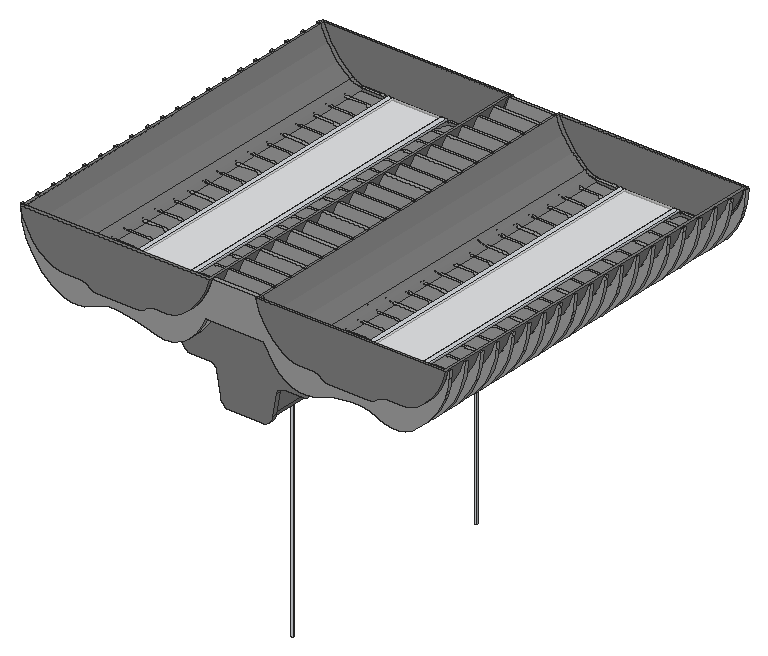
Revit family "0039262 Feilo Sylvania Lighting Fixtures SYLBAY LED 4000K 13KLM WIDE DALI", category Lighting Fixtures, host Face, Revit 2017
Family settings
  Host = Face
  Round Connector Dimension = Use Diameter
  Part Type = Normal
  OmniClass Number = 23.80.70.00
  OmniClass Title = Lighting
  Cut with Voids When Loaded = No
  Light Source = Yes
  Shared = No
  Room Calculation Point = No
Parameters (values of type "0039262 SYLBAY LED 4000K 13KLM WIDE DALI")
  WireRadius_FEILO = 1 mm
  Weight = "4.6 kg"
  Wattage Comments = "n/a"
  Wattage = 95 W
  WarrantyStartDate [instance] = "n/a"
  WarrantyGuarantorParts = "n/a"
  WarrantyDurationUnit = "n/a"
  WarrantyDurationParts = "n/a"
  WarrantyDescription = "n/a"
  built-in parameter 1150110 = 1 (stored number, unit not read)
  Voltage = 230 V
  URL = "http://www.sylvania-lighting.com"
  TypeName = "SYLBAY LED 4000K 13KLM WIDE DALI"
  Type Image = <None>
  Type Comments = "n/a"
  built-in parameter 1114217 = 1 (stored number, unit not read)
  Tilt Angle = -90.00°
  built-in parameter 1150109 = 1 (stored number, unit not read)
  built-in parameter 1150134 = 12
  SuspensionHeight_FEILO [instance] = if(SurfaceMounted_FEILO, 107 mm, SuspensionHeightEntry_FEILO)  # 300 mm
  SuspensionHeightEntry_FEILO [instance] = 300 mm
  SurfaceMounted_FEILO [instance] = no
  built-in parameter 1150113 = 1 (stored number, unit not read)
  SerialNumber [instance] = "n/a"
  ReflectorMaterial = none
  PowerFactor = 0
  PowerConsumption = "95 W"
  Photometric Web File = "0039262.ies"
  NominalLength = 330 mm
  NominalHeight = 105 mm
  NominalDepth = 375 mm
  Name = "SYLBAY LED 4000K 13KLM WIDE DALI"
  ModelReference = "SYLBAY LED 4000K 13KLM WIDE DALI"
  ModelNumber = "0039262"
  Model = "SYLBAY LED 4000K 13KLM WIDE DALI"
  Material = "aluminium housing"
  ManufacturerName = "Feilo Sylvania"
  Manufacturer = "Feilo Sylvania"
  LuminousEfficacy = "141.59 lm/W"
  built-in parameter 1150105 = 8028 (stored number, unit not read)
  Lumens = 13451 lm
  LuminaireType = ""
  built-in parameter 1150115 = 1 (stored number, unit not read)
  LightOutputRatio = "100"
  built-in parameter 1150137 = (empty or 0)
  built-in parameter 1150139 = (empty or 0)
  LampsType = Lamp  # "LED"
  LampNominalLuminous = "13309 lm"
  LampMacAdamStep = "n/a"
  LampColourTemperature = "4000 K"
  LampColourRenderingIndex = "80"
  built-in parameter 1150112 = 1 (stored number, unit not read)
  built-in parameter 1150114 = 1 (stored number, unit not read)
  Lamp = "LED"
  Keynote = "16500"
  InstallationDate [instance] = "n/a"
  InputVoltage = "220-240V~"
  InputNominalFrequency = "50/60 Hz"
  built-in parameter 1150132 = (empty or 0)
  built-in parameter 1150102 = (empty or 0)
  built-in parameter 1150107 = 4000 (stored number, unit not read)
  built-in parameter 1150138 = (empty or 0)
  IngressProtection = "IP65"
  ImpactProtectionIndex = "IK08"
  built-in parameter 1150106 = 80.28 (stored number, unit not read)
  IfcExportType = "IfcLightFixtureType"
  IfcExportAs = "IfcLightFixtureType"
  ExpectedLife = 50000
  Emit from Rectangle Width = 365 mm
  Emit from Rectangle Length = 320 mm
  Emit Shape Visible in Rendering = no
  ElectricShockClassification = "Class I"
  built-in parameter 1150104 = 13.154 (stored number, unit not read)
  DurationUnit = "hours"
  DocumentationLiterature = "http://www.sylvania-lighting.com/product/en-int/products/0039262"
  DimmingControlOptions = "Dimmable"
  Dimming Lamp Color Temperature Shift = <None>
  DiffuserMaterial = Diffuser-Sylvania-Sylbay-Transparent
  Description = "Specification industrial high bay luminaire, robust and durable, slim design, high output and efficiency, lightweight, aluminium housing with shatter-resistant polycarbonate lens optic, 13,300 lumens, 95W, 140lm/W, 4000K, 1400mA, CRI 80, wide beam optic, DALI dimmable, IP65, IK08, 100,000 hrs (L90B10), (LxWxH) 330x375x105mm, 3 step MacAdam ellipse, 4.6kg, aluminium finish, Class 1, 220-240V, integrated LED, energy class: A++, A+, A."
  Default Elevation = 1219.2 mm
  CreatedOn = "17/11/2017"
  CreatedBy = ""
  Cost = 0
  Color Filter = 16777215
  built-in parameter 1114216 [instance] = (empty or 0)
  BodyMaterial = Body-Sylvania-Sylbay-Aluminium
  BarCode [instance] = "n/a"
  built-in parameter 1114218 = 1 (stored number, unit not read)
  built-in parameter 1150133 = 10 (stored number, unit not read)
  AssetType = "Fixed"
  AssetIdentifier [instance] = "n/a"
  Assembly Code = "D5020200"
  Apparent Load = 95 VA
  AccessoryMaterial = Accesory-Sylvania-Sylbay-White
Reference planes
  plane 1 "Center (Front/Back)": y = 0
  plane 2: z = 0
  plane 3 "Center (Left/Right)": x = 0
  plane 4: z = 300
  plane 5: y = -147
  plane 6: y = 100
  plane 7: y = -100
  plane 8: z = 237.522
  plane 9: z = 246.272
  plane 10: z = 227.522
  plane 11: z = 266.272
  plane 12: z = 256.272
  plane 13: z = 262.272
  plane 14: y = 147
  plane 15: y = -8.075
  plane 16: y = 8.075
  plane 17: y = -150
  plane 18: y = 150
  plane 19: z = 195
  plane 20: z = 193
Forms (mm)
  Extrusion 1, solid, material "Accesory-Sylvania-Sylbay-White" <- "AccessoryMaterial"
    sketch origin (0, 0, 0) x (1, 0, 0) y (0, 0, 1)
      loop
        arc (-39.258, 246.272) -> (-44.534, 242.283) -> (-50.507, 239.445) r 32.519
        arc (-50.507, 239.445) -> (-54.463, 232.388) -> (-48, 227.522) r 6.147
        line (-48, 227.522) -> (-32.102, 227.522)
        arc (-32.102, 227.522) -> (-26.92, 225.616) -> (-24.206, 220.808) r 8
        line (-24.206, 220.808) -> (-21.094, 201.713)
        arc (-21.094, 201.713) -> (-18.38, 196.905) -> (-13.198, 195) r 8
        line (-13.198, 195) -> (13.198, 195)
        arc (13.198, 195) -> (18.393, 196.916) -> (21.099, 201.746) r 8
        line (21.099, 201.746) -> (24.206, 220.808)
        arc (24.206, 220.808) -> (26.92, 225.616) -> (32.102, 227.522) r 8
        line (32.102, 227.522) -> (48, 227.522)
        arc (48, 227.522) -> (54.463, 232.388) -> (50.507, 239.445) r 6.147
        arc (50.507, 239.445) -> (44.534, 242.283) -> (39.258, 246.272) r 32.519
        arc (39.258, 246.272) -> (31.199, 255.531) -> (25.254, 266.272) r 58.361
        line (25.254, 266.272) -> (-25.254, 266.272)
        arc (-25.254, 266.272) -> (-31.199, 255.531) -> (-39.258, 246.272) r 58.361
    from -147 to 147
  Extrusion 2, solid, material "Body-Sylvania-Sylbay-Aluminium" <- "BodyMaterial", detail levels medium+fine
    sketch origin (0, 0, 0) x (1, 0, 0) y (0, 0, 1)
      loop
        arc (-32.102, 225.522) -> (-28.215, 224.093) -> (-26.18, 220.487) r 6
        line (-26.18, 220.487) -> (-23.068, 201.392)
        arc (-23.068, 201.392) -> (-19.676, 195.381) -> (-13.198, 193) r 10
        line (-13.198, 193) -> (13.198, 193)
        arc (13.198, 193) -> (19.69, 195.393) -> (23.074, 201.428) r 10
        line (23.074, 201.428) -> (26.18, 220.487)
        arc (26.18, 220.487) -> (28.215, 224.093) -> (32.102, 225.522) r 6
        line (32.102, 225.522) -> (47.932, 225.522)
        arc (47.932, 225.522) -> (54.718, 228.451) -> (56.343, 235.661) r 8.147
        arc (56.343, 235.661) -> (55.292, 237.506) -> (53.445, 238.553) r 4
        arc (53.445, 238.553) -> (45.865, 241.518) -> (39.258, 246.272) r 32.519
        arc (39.258, 246.272) -> (32.89, 253.237) -> (27.728, 261.137) r 58.361
        arc (27.728, 261.137) -> (25.523, 263.429) -> (22.456, 264.272) r 6
        line (22.456, 264.272) -> (-22.456, 264.272)
        arc (-22.456, 264.272) -> (-25.523, 263.429) -> (-27.728, 261.137) r 6
        arc (-27.728, 261.137) -> (-32.89, 253.237) -> (-39.258, 246.272) r 58.361
        arc (-39.258, 246.272) -> (-45.865, 241.518) -> (-53.445, 238.553) r 32.519
        arc (-53.445, 238.553) -> (-55.292, 237.506) -> (-56.343, 235.661) r 4
        arc (-56.343, 235.661) -> (-54.718, 228.451) -> (-47.932, 225.522) r 8.147
        line (-47.932, 225.522) -> (-32.102, 225.522)
    from 147 to 150
  Extrusion 3, solid, detail levels medium+fine
    sketch origin (0, 0, 0) x (1, 0, 0) y (0, 0, 1)
      loop
        line (-47.932, 225.522) -> (-32.102, 225.522)
        arc (-32.102, 225.522) -> (-28.215, 224.093) -> (-26.18, 220.487) r 6
        line (-26.18, 220.487) -> (-23.068, 201.392)
        arc (-23.068, 201.392) -> (-19.676, 195.381) -> (-13.198, 193) r 10
        line (-13.198, 193) -> (13.198, 193)
        arc (13.198, 193) -> (19.69, 195.393) -> (23.074, 201.428) r 10
        line (23.074, 201.428) -> (26.18, 220.487)
        arc (26.18, 220.487) -> (28.215, 224.093) -> (32.102, 225.522) r 6
        line (32.102, 225.522) -> (47.932, 225.522)
        arc (47.932, 225.522) -> (54.718, 228.451) -> (56.343, 235.661) r 8.147
        arc (56.343, 235.661) -> (55.292, 237.506) -> (53.445, 238.553) r 4
        arc (53.445, 238.553) -> (45.865, 241.518) -> (39.258, 246.272) r 32.519
        arc (39.258, 246.272) -> (32.89, 253.237) -> (27.728, 261.137) r 58.361
        arc (27.728, 261.137) -> (25.523, 263.429) -> (22.456, 264.272) r 6
        line (22.456, 264.272) -> (-22.456, 264.272)
        arc (-22.456, 264.272) -> (-25.523, 263.429) -> (-27.728, 261.137) r 6
        arc (-27.728, 261.137) -> (-32.89, 253.237) -> (-39.258, 246.272) r 58.361
        arc (-39.258, 246.272) -> (-45.865, 241.518) -> (-53.445, 238.553) r 32.519
        arc (-53.445, 238.553) -> (-55.292, 237.506) -> (-56.343, 235.661) r 4
        arc (-56.343, 235.661) -> (-54.718, 228.451) -> (-47.932, 225.522) r 8.147
    from -150 to -147
  Extrusion 4, solid
    sketch origin (-316.531, -4572, 195) x (-1, 0, 0) y (0, -1, 0)
      loop
        circle (-316.531, -4672) r 1
      loop
        circle (-316.531, -4472) r 1
    from 0 to -195
Dimensions and locks
  "SuspensionHeight_FEILO": plane 4 to plane 2
  equal spacing: plane 7, plane 1 "Center (Front/Back)", plane 6
  locked: plane 1 "Center (Front/Back)" to plane 6 at 100
  locked: plane 4 to plane 8 at 62.478
  locked: plane 4 to plane 9 at 53.728
  plane 4 to plane 10 = 72.478 mm
  locked: plane 4 to plane 11 at 33.728
  locked: plane 12 to plane 9 at 10
  locked: plane 13 to plane 12 at 6
  locked: plane 3 "Center (Left/Right)" to Extrusion 1 sketch curve at 48.447
  locked: Extrusion 1 sketch curve to plane 3 "Center (Left/Right)" at 48.447
  locked: plane 4 to Extrusion 1 sketch curve at 66.347  (x2)
  Extrusion 1 sketch curve to plane 3 "Center (Left/Right)" to Extrusion 1 sketch curve = 13.198 mm locked, 13.198 mm locked
  Extrusion 1 sketch curve to plane 3 "Center (Left/Right)" to Extrusion 1 sketch curve = 32.102 mm locked, 32.102 mm locked
  locked: plane 4 to Extrusion 1 sketch curve at 97  (x2)
  locked: plane 4 to Extrusion 1 sketch curve at 80.478  (x2)
  equal spacing: plane 15, plane 1 "Center (Front/Back)", plane 16
  locked: plane 15 to plane 16 at 16.15
  locked: plane 10 to Extrusion 2 sketch curve at 2
  plane 10 to Extrusion 2 sketch curve = 2 mm
  locked: Extrusion 2 sketch curve to Extrusion 1 at 2  (x2)
  locked: Extrusion 2 sketch curve to plane 3 "Center (Left/Right)" at 52.466
  locked: plane 3 "Center (Left/Right)" to Extrusion 2 sketch curve at 52.466
  locked: plane 4 to Extrusion 2 sketch curve at 65.325  (x2)
  locked: plane 4 to Extrusion 2 sketch curve at 41.728  (x2)
  locked: plane 3 "Center (Left/Right)" to Extrusion 2 sketch curve at 22.456
  locked: Extrusion 2 sketch curve to plane 3 "Center (Left/Right)" at 22.456
  locked: plane 4 to plane 19 at 105
  locked: plane 19 to plane 20 at 2
  locked: plane 1 "Center (Front/Back)" to plane 18 at 150
  locked: plane 14 to plane 18 at 3
  locked: plane 17 to plane 1 "Center (Front/Back)" at 150
  locked: plane 17 to plane 5 at 3
  "WireRadius_FEILO": radius of Extrusion 4 sketch curve  (x2)
  aligned and locked: plane 2 to host face
  aligned and locked: level to host face
  aligned and locked: plane 10 to Extrusion 1 sketch curve
  aligned and locked: plane 5 to Extrusion 1
  aligned and locked: Extrusion 1 to plane 14
  aligned and locked: imposter light to plane 4
  aligned and locked: plane 3 "Center (Left/Right)" to imposter light
  aligned and locked: plane 1 "Center (Front/Back)" to imposter light
  aligned and locked: plane 17 to Extrusion 2
  aligned and locked: Extrusion 2 to plane 5
  aligned and locked: Extrusion 3 sketch curve to Extrusion 2  (x15)
  aligned and locked: Extrusion 3 to Extrusion 1
  aligned and locked: Extrusion 3 to plane 18
  aligned and locked: Extrusion 1 sketch curve to plane 19
  aligned and locked: plane 7 to Extrusion 4 sketch curve
  aligned and locked: plane 3 "Center (Left/Right)" to Extrusion 4 sketch curve  (x2)
  aligned and locked: plane 6 to Extrusion 4 sketch curve
  aligned and locked: Extrusion 1 to Extrusion 4
  aligned and locked: Extrusion 4 to level
  aligned and locked: plane 20 to Extrusion 2 sketch curve
  aligned and locked: plane 3 "Center (Left/Right)" to nested 1
  aligned and locked: plane 1 "Center (Front/Back)" to nested 1
Automatic sketch dimensions
  host sketch curve to host sketch curve = 2438.4 mm  (x2)
  Extrusion 1 sketch curve to plane 9 = 0 mm  (x4)
  Extrusion 1 sketch curve to plane 10 = 0 mm
  plane 11 to Extrusion 1 sketch curve = 3.811 mm
  Extrusion 1 sketch curve to Extrusion 1 sketch curve = 36.151 mm  (x2)
  Extrusion 1 sketch curve to plane 4 = 10.994 mm  (x2)
  Extrusion 1 sketch curve to plane 11 = 0 mm
  plane 9 to Extrusion 1 sketch curve = 23.811 mm
  Extrusion 1 sketch curve to plane 10 = 6.713 mm  (x2)
  plane 19 to Extrusion 1 sketch curve = 6.713 mm
  Extrusion 3 sketch curve to plane 10 = 7.035 mm  (x2)
  plane 19 to Extrusion 3 sketch curve = 6.392 mm
  plane 19 to Extrusion 1 sketch curve = 6.746 mm
  plane 19 to Extrusion 3 sketch curve = 6.428 mm
  plane 3 "Center (Left/Right)" to Extrusion 1 sketch curve = 25.254 mm
  Extrusion 1 sketch curve to Extrusion 1 sketch curve = 0.447 mm  (x2)
  Extrusion 1 sketch curve to Extrusion 1 sketch curve = 12.959 mm
  Extrusion 2 sketch curve to plane 9 = 0 mm  (x4)
  plane 11 to Extrusion 2 sketch curve = 3.811 mm  (x2)
  Extrusion 2 sketch curve to Extrusion 2 sketch curve = 8.939 mm  (x2)
  Extrusion 2 sketch curve to plane 4 = 10.994 mm  (x2)
  Extrusion 2 sketch curve to Extrusion 2 sketch curve = 17.6 mm  (x2)
  Extrusion 2 sketch curve to Extrusion 2 sketch curve = 4.02 mm  (x2)
  Extrusion 2 sketch curve to Extrusion 2 sketch curve = 0.514 mm
  Extrusion 2 sketch curve to plane 10 = 8 mm
  Extrusion 2 sketch curve to plane 10 = 7.035 mm  (x2)
  plane 19 to Extrusion 2 sketch curve = 6.392 mm
  plane 19 to Extrusion 2 sketch curve = 8 mm
  plane 3 "Center (Left/Right)" to Extrusion 2 sketch curve = 13.198 mm
  plane 19 to Extrusion 2 sketch curve = 6.428 mm
  Extrusion 2 sketch curve to Extrusion 2 sketch curve = 5.922 mm
  Extrusion 2 sketch curve to Extrusion 2 sketch curve = 4.534 mm
  Extrusion 2 sketch curve to plane 8 = 3.869 mm  (x2)
  Extrusion 2 sketch curve to plane 11 = 2 mm
  Extrusion 2 sketch curve to Extrusion 2 sketch curve = 0 mm  (x2)
Nested families
  nested 1: "SylbayBody" at (0, 0, 266.272), type "SylbayBody"
  nested 2: "SlybayRib" at (0, 144.453, 300), type "SylbayRib"
  nested 3: "SlybayRib" at (0, 127.406, 300), type "SylbayRib"
  nested 4: "SlybayRib" at (0, 110.358, 300), type "SylbayRib"
  nested 5: "SlybayRib" at (0, 93.311, 300), type "SylbayRib"
  nested 6: "SlybayRib" at (0, 76.264, 300), type "SylbayRib"
  nested 7: "SlybayRib" at (0, 59.217, 300), type "SylbayRib"
  nested 8: "SlybayRib" at (0, 42.169, 300), type "SylbayRib"
  nested 9: "SlybayRib" at (0, 25.122, 300), type "SylbayRib"
  nested 10: "SlybayRib" at (0, 161.5, 300), type "SylbayRib"
  nested 11: "SlybayRib" at (0, -144.453, 300), type "SylbayRib"
  nested 12: "SlybayRib" at (0, -127.406, 300), type "SylbayRib"
  nested 13: "SlybayRib" at (0, -110.358, 300), type "SylbayRib"
  nested 14: "SlybayRib" at (0, -93.311, 300), type "SylbayRib"
  nested 15: "SlybayRib" at (0, -76.264, 300), type "SylbayRib"
  nested 16: "SlybayRib" at (0, -59.217, 300), type "SylbayRib"
  nested 17: "SlybayRib" at (0, -42.169, 300), type "SylbayRib"
  nested 18: "SlybayRib" at (0, -25.122, 300), type "SylbayRib"
  nested 19: "SlybayRib" at (0, -161.5, 300), type "SylbayRib"
  nested 20: "SlybayRib" at (0, 8.075, 300), type "SylbayRib"
  nested 21: "SlybayRib" at (0, -8.075, 300), type "SylbayRib"
Connectors
  electrical at (0, 0, 0), driven by "Apparent Load"
    settings: index 1, voltage 230 V, apparent load 95 VA, apparent load phase1 0 VA, apparent load phase2 0 VA, apparent load phase3 0 VA, power factor 0, load classification "Lighting", number of poles 1, system type 30, power factor state 1, is connector primary yes, connector utility no, sub classification motor no, connector description ""
Definition of nested family "SylbayBody"
  Parameters (values of type "SylbayBody")
    URL = "http://www.feilosylvania.com"
    Type Image = (empty or 0)
    Type Comments = "n/a"
    RibLast_FEILO = 161.5 mm
    RibDistance_FEILO = RibLast_FEILO / 10  # 16.15 mm
    ReflectorMaterial = none
    Model = ""
    Manufacturer = "Feilo Sylvania"
    Keynote = ""
    DiffuserMaterial = none
    Description = "n/a"
    Default Elevation = 1219.2 mm
    Cost = 0
    BodyMaterial = none
    Assembly Code = "D5020200"
    AccessoryMaterial = none
  Reference planes
    plane 1 "Center (Front/Back)": y = 0
    plane 2: z = 0
    plane 3 "Center (Left/Right)": x = 0
    plane 4: x = -187.5
    plane 5: x = 187.5
    plane 6: z = 33.728
    plane 7: y = -165
    plane 8: y = 165
    plane 9: y = -148
    plane 10: y = 160
    plane 11: y = -160
    plane 12: z = -28.75
    plane 13: z = -20
    plane 14: x = -102.75
    plane 15: x = 102.75
    plane 16: z = 0
    plane 17: x = -185.5
    plane 18: x = -20
    plane 19: z = -10
    plane 20: x = -122.75
    plane 21: x = -82.75
    plane 22: z = -4
    plane 23: x = -130.75
    plane 24: x = -74.75
    plane 25: x = -145.75
    plane 26: x = -59.75
    plane 27: x = -25.3
    plane 28: x = -183.5
    plane 29: x = -22
    plane 30: y = -163
    plane 31: y = 163
    plane 32: x = 25.3
    plane 33: x = -48
    plane 34: x = 48
    plane 35: x = 20
    plane 36: y = 148
    plane 37: y = -161.5
    plane 38: y = 161.5
    plane 39: y = -8.075
    plane 40: y = 8.075
    plane 41: y = -151
    plane 42: y = 151
    plane 43: y = 149
    plane 44: y = 152
    plane 45: z = -2
    plane 46: z = 0
  Forms (mm)
    Extrusion 1, solid
      sketch origin (4.2, 0, 0) x (1, 0, 0) y (0, 1, 0)
        loop
          line (-1219.2, 1219.2) -> (-1219.2, -1219.2) -> (1219.2, -1219.2) -> (1219.2, 1219.2) -> (-1219.2, 1219.2)
      from 0 to -304.8
    Extrusion 2, solid, material <- "BodyMaterial", detail levels coarse+medium
      sketch origin (0, 0, -234.25) x (1, 0, 0) y (0, 0, 1)
        loop
          arc (-187.5, 267.978) -> (-180.003, 237.85) -> (-159.829, 214.25) r 67.598
          arc (-159.829, 214.25) -> (-143.258, 206.411) -> (-125.169, 209.379) r 30.791
          arc (-125.169, 209.379) -> (-113.533, 213.402) -> (-101.25, 214.25) r 46.777
          arc (-101.25, 214.25) -> (-87.202, 212.214) -> (-73.664, 207.942) r 87.865
          arc (-73.664, 207.942) -> (-55.541, 206.076) -> (-39.258, 214.25) r 32.519
          arc (-39.258, 214.25) -> (-31.199, 223.509) -> (-25.254, 234.25) r 58.361
          line (-25.254, 234.25) -> (25.254, 234.25)
          arc (25.254, 234.25) -> (31.199, 223.509) -> (39.258, 214.25) r 58.361
          arc (39.258, 214.25) -> (55.541, 206.076) -> (73.664, 207.942) r 32.519
          arc (73.664, 207.942) -> (87.202, 212.214) -> (101.25, 214.25) r 87.865
          arc (101.25, 214.25) -> (113.533, 213.402) -> (125.169, 209.379) r 46.777
          arc (125.169, 209.379) -> (143.258, 206.411) -> (159.829, 214.25) r 30.791
          arc (159.829, 214.25) -> (180.003, 237.85) -> (187.5, 267.978) r 67.598
          line (187.5, 267.978) -> (185.5, 267.978)
          arc (185.5, 267.978) -> (176.042, 248.665) -> (160.084, 234.25) r 56.823
          arc (160.084, 234.25) -> (153.191, 231.269) -> (145.75, 230.25) r 27.682
          line (145.75, 230.25) -> (132.583, 230.25)
          arc (132.583, 230.25) -> (129.421, 229.737) -> (126.583, 228.25) r 10
          line (126.583, 228.25) -> (123.917, 226.25)
          arc (123.917, 226.25) -> (121.079, 224.763) -> (117.917, 224.25) r 10
          line (117.917, 224.25) -> (84.583, 224.25)
          arc (84.583, 224.25) -> (81.421, 224.763) -> (78.583, 226.25) r 10
          line (78.583, 226.25) -> (75.917, 228.25)
          arc (75.917, 228.25) -> (73.079, 229.737) -> (69.917, 230.25) r 10
          line (69.917, 230.25) -> (58.25, 230.25)
          arc (58.25, 230.25) -> (51.55, 231.273) -> (45.461, 234.25) r 22.443
          arc (45.461, 234.25) -> (30.027, 249.073) -> (20, 267.978) r 67.602
          line (20, 267.978) -> (-20, 267.978)
          arc (-20, 267.978) -> (-30.027, 249.073) -> (-45.461, 234.25) r 67.602
          arc (-45.461, 234.25) -> (-51.55, 231.273) -> (-58.25, 230.25) r 22.443
          line (-58.25, 230.25) -> (-69.917, 230.25)
          arc (-69.917, 230.25) -> (-73.079, 229.737) -> (-75.917, 228.25) r 10
          line (-75.917, 228.25) -> (-78.583, 226.25)
          arc (-78.583, 226.25) -> (-81.421, 224.763) -> (-84.583, 224.25) r 10
          line (-84.583, 224.25) -> (-117.917, 224.25)
          arc (-117.917, 224.25) -> (-121.079, 224.763) -> (-123.917, 226.25) r 10
          line (-123.917, 226.25) -> (-126.583, 228.25)
          arc (-126.583, 228.25) -> (-129.421, 229.737) -> (-132.583, 230.25) r 10
          line (-132.583, 230.25) -> (-145.75, 230.25)
          arc (-145.75, 230.25) -> (-153.191, 231.269) -> (-160.084, 234.25) r 27.682
          arc (-160.084, 234.25) -> (-176.042, 248.665) -> (-185.5, 267.978) r 56.823
          line (-185.5, 267.978) -> (-187.5, 267.978)
      from 160 to -160
    Extrusion 3, solid, material <- "BodyMaterial"
      sketch origin (0, 0, -234.25) x (1, 0, 0) y (0, 0, 1)
        loop
          arc (-145.75, 230.25) -> (-152.168, 231.276) -> (-157.947, 234.25) r 20.597
          arc (-157.947, 234.25) -> (-173.175, 249.257) -> (-183.5, 267.978) r 74.319
          line (-183.5, 267.978) -> (-185.5, 267.978)
          arc (-185.5, 267.978) -> (-176.042, 248.665) -> (-160.084, 234.25) r 56.823
          arc (-160.084, 234.25) -> (-153.191, 231.269) -> (-145.75, 230.25) r 27.682
        loop
          arc (-45.461, 234.25) -> (-30.027, 249.073) -> (-20, 267.978) r 67.602
          line (-20, 267.978) -> (-22, 267.978)
          arc (-22, 267.978) -> (-31.964, 249.398) -> (-46.63, 234.25) r 76.357
          arc (-46.63, 234.25) -> (-52.105, 231.278) -> (-58.25, 230.25) r 18.878
          arc (-58.25, 230.25) -> (-51.55, 231.273) -> (-45.461, 234.25) r 22.443
        loop
          arc (145.75, 230.25) -> (153.191, 231.269) -> (160.084, 234.25) r 27.682
          arc (160.084, 234.25) -> (176.042, 248.665) -> (185.5, 267.978) r 56.823
          line (185.5, 267.978) -> (183.5, 267.978)
          arc (183.5, 267.978) -> (173.175, 249.257) -> (157.947, 234.25) r 74.319
          arc (157.947, 234.25) -> (152.168, 231.276) -> (145.75, 230.25) r 20.597
        loop
          arc (45.461, 234.25) -> (51.55, 231.273) -> (58.25, 230.25) r 22.443
          arc (58.25, 230.25) -> (52.105, 231.278) -> (46.63, 234.25) r 18.878
          arc (46.63, 234.25) -> (31.964, 249.398) -> (22, 267.978) r 76.357
          line (22, 267.978) -> (20, 267.978)
          arc (20, 267.978) -> (30.027, 249.073) -> (45.461, 234.25) r 67.602
      from -160 to 160
    Extrusion 4, solid, material <- "BodyMaterial"
      sketch origin (0, -165, -843.85) x (0, 0, -1) y (1, 0, 0)
        loop
          arc (-837.85, -132.583) -> (-837.439, -130.054) -> (-836.25, -127.783) r 8
          line (-836.25, -127.783) -> (-834.25, -125.117)
          arc (-834.25, -125.117) -> (-832.466, -121.711) -> (-831.85, -117.917) r 12
          line (-831.85, -117.917) -> (-831.85, -84.583)
          arc (-831.85, -84.583) -> (-832.466, -80.789) -> (-834.25, -77.383) r 12
          line (-834.25, -77.383) -> (-836.25, -74.717)
          arc (-836.25, -74.717) -> (-837.439, -72.446) -> (-837.85, -69.917) r 8
          line (-837.85, -69.917) -> (-837.85, -58.25)
          arc (-837.85, -58.25) -> (-838.965, -50.953) -> (-842.206, -44.322) r 24.443
          arc (-842.206, -44.322) -> (-857.666, -28.923) -> (-877.578, -20) r 60.581
          line (-877.578, -20) -> (-877.578, -22)
          arc (-877.578, -22) -> (-858.998, -31.964) -> (-843.85, -46.63) r 76.357
          arc (-843.85, -46.63) -> (-840.878, -52.105) -> (-839.85, -58.25) r 18.878
          line (-839.85, -58.25) -> (-839.85, -69.917)
          arc (-839.85, -69.917) -> (-839.337, -73.079) -> (-837.85, -75.917) r 10
          line (-837.85, -75.917) -> (-835.85, -78.583)
          arc (-835.85, -78.583) -> (-834.363, -81.421) -> (-833.85, -84.583) r 10
          line (-833.85, -84.583) -> (-833.85, -117.917)
          arc (-833.85, -117.917) -> (-834.363, -121.079) -> (-835.85, -123.917) r 10
          line (-835.85, -123.917) -> (-837.85, -126.583)
          arc (-837.85, -126.583) -> (-839.337, -129.421) -> (-839.85, -132.583) r 10
          line (-839.85, -132.583) -> (-839.85, -145.75)
          arc (-839.85, -145.75) -> (-840.876, -152.168) -> (-843.85, -157.947) r 20.597
          arc (-843.85, -157.947) -> (-858.857, -173.175) -> (-877.578, -183.5) r 74.319
          line (-877.578, -183.5) -> (-877.578, -185.5)
          arc (-877.578, -185.5) -> (-857.235, -177.123) -> (-842.139, -161.119) r 52.287
          arc (-842.139, -161.119) -> (-838.942, -153.728) -> (-837.85, -145.75) r 29.682
          line (-837.85, -145.75) -> (-837.85, -132.583)
        loop
          line (-837.85, 132.583) -> (-837.85, 145.75)
          arc (-837.85, 145.75) -> (-838.942, 153.728) -> (-842.139, 161.119) r 29.682
          arc (-842.139, 161.119) -> (-857.235, 177.123) -> (-877.578, 185.5) r 52.287
          line (-877.578, 185.5) -> (-877.578, 183.5)
          arc (-877.578, 183.5) -> (-858.857, 173.175) -> (-843.85, 157.947) r 74.319
          arc (-843.85, 157.947) -> (-840.876, 152.168) -> (-839.85, 145.75) r 20.597
          line (-839.85, 145.75) -> (-839.85, 132.583)
          arc (-839.85, 132.583) -> (-839.337, 129.421) -> (-837.85, 126.583) r 10
          line (-837.85, 126.583) -> (-835.85, 123.917)
          arc (-835.85, 123.917) -> (-834.363, 121.079) -> (-833.85, 117.917) r 10
          line (-833.85, 117.917) -> (-833.85, 84.583)
          arc (-833.85, 84.583) -> (-834.363, 81.421) -> (-835.85, 78.583) r 10
          line (-835.85, 78.583) -> (-837.85, 75.917)
          arc (-837.85, 75.917) -> (-839.337, 73.079) -> (-839.85, 69.917) r 10
          line (-839.85, 69.917) -> (-839.85, 58.25)
          arc (-839.85, 58.25) -> (-840.878, 52.105) -> (-843.85, 46.63) r 18.878
          arc (-843.85, 46.63) -> (-858.998, 31.964) -> (-877.578, 22) r 76.357
          line (-877.578, 22) -> (-877.578, 20)
          arc (-877.578, 20) -> (-857.666, 28.923) -> (-842.206, 44.322) r 60.581
          arc (-842.206, 44.322) -> (-838.965, 50.953) -> (-837.85, 58.25) r 24.443
          line (-837.85, 58.25) -> (-837.85, 69.917)
          arc (-837.85, 69.917) -> (-837.439, 72.446) -> (-836.25, 74.717) r 8
          line (-836.25, 74.717) -> (-834.25, 77.383)
          arc (-834.25, 77.383) -> (-832.466, 80.789) -> (-831.85, 84.583) r 12
          line (-831.85, 84.583) -> (-831.85, 117.917)
          arc (-831.85, 117.917) -> (-832.466, 121.711) -> (-834.25, 125.117) r 12
          line (-834.25, 125.117) -> (-836.25, 127.783)
          arc (-836.25, 127.783) -> (-837.439, 130.054) -> (-837.85, 132.583) r 8
      from -2 to -5
    Extrusion 5, solid, material <- "BodyMaterial"
      sketch origin (0, 165, -843.85) x (0, 0, -1) y (1, 0, 0)
        loop
          line (-831.85, -117.917) -> (-831.85, -84.583)
          arc (-831.85, -84.583) -> (-832.466, -80.789) -> (-834.25, -77.383) r 12
          line (-834.25, -77.383) -> (-836.25, -74.717)
          arc (-836.25, -74.717) -> (-837.439, -72.446) -> (-837.85, -69.917) r 8
          line (-837.85, -69.917) -> (-837.85, -58.25)
          arc (-837.85, -58.25) -> (-838.965, -50.953) -> (-842.206, -44.322) r 24.443
          arc (-842.206, -44.322) -> (-857.666, -28.923) -> (-877.578, -20) r 60.581
          line (-877.578, -20) -> (-877.578, -22)
          arc (-877.578, -22) -> (-858.998, -31.964) -> (-843.85, -46.63) r 76.357
          arc (-843.85, -46.63) -> (-840.878, -52.105) -> (-839.85, -58.25) r 18.878
          line (-839.85, -58.25) -> (-839.85, -69.917)
          arc (-839.85, -69.917) -> (-839.337, -73.079) -> (-837.85, -75.917) r 10
          line (-837.85, -75.917) -> (-835.85, -78.583)
          arc (-835.85, -78.583) -> (-834.363, -81.421) -> (-833.85, -84.583) r 10
          line (-833.85, -84.583) -> (-833.85, -117.917)
          arc (-833.85, -117.917) -> (-834.363, -121.079) -> (-835.85, -123.917) r 10
          line (-835.85, -123.917) -> (-837.85, -126.583)
          arc (-837.85, -126.583) -> (-839.337, -129.421) -> (-839.85, -132.583) r 10
          line (-839.85, -132.583) -> (-839.85, -145.75)
          arc (-839.85, -145.75) -> (-840.876, -152.168) -> (-843.85, -157.947) r 20.597
          arc (-843.85, -157.947) -> (-858.857, -173.175) -> (-877.578, -183.5) r 74.319
          line (-877.578, -183.5) -> (-877.578, -185.5)
          arc (-877.578, -185.5) -> (-857.235, -177.123) -> (-842.139, -161.119) r 52.287
          arc (-842.139, -161.119) -> (-838.942, -153.728) -> (-837.85, -145.75) r 29.682
          line (-837.85, -145.75) -> (-837.85, -132.583)
          arc (-837.85, -132.583) -> (-837.439, -130.054) -> (-836.25, -127.783) r 8
          line (-836.25, -127.783) -> (-834.25, -125.117)
          arc (-834.25, -125.117) -> (-832.466, -121.711) -> (-831.85, -117.917) r 12
        loop
          line (-831.85, 84.583) -> (-831.85, 117.917)
          arc (-831.85, 117.917) -> (-832.466, 121.711) -> (-834.25, 125.117) r 12
          line (-834.25, 125.117) -> (-836.25, 127.783)
          arc (-836.25, 127.783) -> (-837.439, 130.054) -> (-837.85, 132.583) r 8
          line (-837.85, 132.583) -> (-837.85, 145.75)
          arc (-837.85, 145.75) -> (-838.942, 153.728) -> (-842.139, 161.119) r 29.682
          arc (-842.139, 161.119) -> (-857.235, 177.123) -> (-877.578, 185.5) r 52.287
          line (-877.578, 185.5) -> (-877.578, 183.5)
          arc (-877.578, 183.5) -> (-858.857, 173.175) -> (-843.85, 157.947) r 74.319
          arc (-843.85, 157.947) -> (-840.876, 152.168) -> (-839.85, 145.75) r 20.597
          line (-839.85, 145.75) -> (-839.85, 132.583)
          arc (-839.85, 132.583) -> (-839.337, 129.421) -> (-837.85, 126.583) r 10
          line (-837.85, 126.583) -> (-835.85, 123.917)
          arc (-835.85, 123.917) -> (-834.363, 121.079) -> (-833.85, 117.917) r 10
          line (-833.85, 117.917) -> (-833.85, 84.583)
          arc (-833.85, 84.583) -> (-834.363, 81.421) -> (-835.85, 78.583) r 10
          line (-835.85, 78.583) -> (-837.85, 75.917)
          arc (-837.85, 75.917) -> (-839.337, 73.079) -> (-839.85, 69.917) r 10
          line (-839.85, 69.917) -> (-839.85, 58.25)
          arc (-839.85, 58.25) -> (-840.878, 52.105) -> (-843.85, 46.63) r 18.878
          arc (-843.85, 46.63) -> (-858.998, 31.964) -> (-877.578, 22) r 76.357
          line (-877.578, 22) -> (-877.578, 20)
          arc (-877.578, 20) -> (-857.666, 28.923) -> (-842.206, 44.322) r 60.581
          arc (-842.206, 44.322) -> (-838.965, 50.953) -> (-837.85, 58.25) r 24.443
          line (-837.85, 58.25) -> (-837.85, 69.917)
          arc (-837.85, 69.917) -> (-837.439, 72.446) -> (-836.25, 74.717) r 8
          line (-836.25, 74.717) -> (-834.25, 77.383)
          arc (-834.25, 77.383) -> (-832.466, 80.789) -> (-831.85, 84.583) r 12
      from 2 to 5
    Extrusion 6, solid, material <- "BodyMaterial"
      sketch origin (0, 165, -843.85) x (0, 0, -1) y (1, 0, 0)
        loop
          arc (-842.206, -44.322) -> (-857.666, -28.923) -> (-877.578, -20) r 60.581
          line (-877.578, -20) -> (-877.578, -185.5)
          arc (-877.578, -185.5) -> (-857.235, -177.123) -> (-842.139, -161.119) r 52.287
          arc (-842.139, -161.119) -> (-838.942, -153.728) -> (-837.85, -145.75) r 29.682
          line (-837.85, -145.75) -> (-837.85, -132.583)
          arc (-837.85, -132.583) -> (-837.439, -130.054) -> (-836.25, -127.783) r 8
          line (-836.25, -127.783) -> (-834.25, -125.117)
          arc (-834.25, -125.117) -> (-832.466, -121.711) -> (-831.85, -117.917) r 12
          line (-831.85, -117.917) -> (-831.85, -84.583)
          arc (-831.85, -84.583) -> (-832.466, -80.789) -> (-834.25, -77.383) r 12
          line (-834.25, -77.383) -> (-836.25, -74.717)
          arc (-836.25, -74.717) -> (-837.439, -72.446) -> (-837.85, -69.917) r 8
          line (-837.85, -69.917) -> (-837.85, -58.25)
          arc (-837.85, -58.25) -> (-838.965, -50.953) -> (-842.206, -44.322) r 24.443
        loop
          arc (-877.578, 20) -> (-857.666, 28.923) -> (-842.206, 44.322) r 60.581
          arc (-842.206, 44.322) -> (-838.965, 50.953) -> (-837.85, 58.25) r 24.443
          line (-837.85, 58.25) -> (-837.85, 69.917)
          arc (-837.85, 69.917) -> (-837.439, 72.446) -> (-836.25, 74.717) r 8
          line (-836.25, 74.717) -> (-834.25, 77.383)
          arc (-834.25, 77.383) -> (-832.466, 80.789) -> (-831.85, 84.583) r 12
          line (-831.85, 84.583) -> (-831.85, 117.917)
          arc (-831.85, 117.917) -> (-832.466, 121.711) -> (-834.25, 125.117) r 12
          line (-834.25, 125.117) -> (-836.25, 127.783)
          arc (-836.25, 127.783) -> (-837.439, 130.054) -> (-837.85, 132.583) r 8
          line (-837.85, 132.583) -> (-837.85, 145.75)
          arc (-837.85, 145.75) -> (-838.942, 153.728) -> (-842.139, 161.119) r 29.682
          arc (-842.139, 161.119) -> (-857.235, 177.123) -> (-877.578, 185.5) r 52.287
          line (-877.578, 185.5) -> (-877.578, 20)
      from 0 to 2
    Extrusion 7, solid, material <- "BodyMaterial"
      sketch origin (0, -165, -843.85) x (0, 0, -1) y (1, 0, 0)
        loop
          line (-877.578, -20) -> (-877.578, -185.5)
          arc (-877.578, -185.5) -> (-857.235, -177.123) -> (-842.139, -161.119) r 52.287
          arc (-842.139, -161.119) -> (-838.942, -153.728) -> (-837.85, -145.75) r 29.682
          line (-837.85, -145.75) -> (-837.85, -132.583)
          arc (-837.85, -132.583) -> (-837.439, -130.054) -> (-836.25, -127.783) r 8
          line (-836.25, -127.783) -> (-834.25, -125.117)
          arc (-834.25, -125.117) -> (-832.466, -121.711) -> (-831.85, -117.917) r 12
          line (-831.85, -117.917) -> (-831.85, -84.583)
          arc (-831.85, -84.583) -> (-832.466, -80.789) -> (-834.25, -77.383) r 12
          line (-834.25, -77.383) -> (-836.25, -74.717)
          arc (-836.25, -74.717) -> (-837.439, -72.446) -> (-837.85, -69.917) r 8
          line (-837.85, -69.917) -> (-837.85, -58.25)
          arc (-837.85, -58.25) -> (-838.965, -50.953) -> (-842.206, -44.322) r 24.443
          arc (-842.206, -44.322) -> (-857.666, -28.923) -> (-877.578, -20) r 60.581
        loop
          line (-877.578, 185.5) -> (-877.578, 20)
          arc (-877.578, 20) -> (-857.666, 28.923) -> (-842.206, 44.322) r 60.581
          arc (-842.206, 44.322) -> (-838.965, 50.953) -> (-837.85, 58.25) r 24.443
          line (-837.85, 58.25) -> (-837.85, 69.917)
          arc (-837.85, 69.917) -> (-837.439, 72.446) -> (-836.25, 74.717) r 8
          line (-836.25, 74.717) -> (-834.25, 77.383)
          arc (-834.25, 77.383) -> (-832.466, 80.789) -> (-831.85, 84.583) r 12
          line (-831.85, 84.583) -> (-831.85, 117.917)
          arc (-831.85, 117.917) -> (-832.466, 121.711) -> (-834.25, 125.117) r 12
          line (-834.25, 125.117) -> (-836.25, 127.783)
          arc (-836.25, 127.783) -> (-837.439, 130.054) -> (-837.85, 132.583) r 8
          line (-837.85, 132.583) -> (-837.85, 145.75)
          arc (-837.85, 145.75) -> (-838.942, 153.728) -> (-842.139, 161.119) r 29.682
          arc (-842.139, 161.119) -> (-857.235, 177.123) -> (-877.578, 185.5) r 52.287
      from 0 to -2
    Extrusion 8, solid, detail levels medium+fine
      sketch origin (0, 0, -234.25) x (1, 0, 0) y (0, 0, 1)
        loop
          arc (-123.917, 226.25) -> (-121.079, 224.763) -> (-117.917, 224.25) r 10
          line (-117.917, 224.25) -> (-84.583, 224.25)
          arc (-84.583, 224.25) -> (-81.421, 224.763) -> (-78.583, 226.25) r 10
          line (-78.583, 226.25) -> (-75.917, 228.25)
          arc (-75.917, 228.25) -> (-75.417, 229.25) -> (-75.917, 230.25) r 1.25
          line (-75.917, 230.25) -> (-79.782, 230.25) -> (-79.782, 228.278) -> (-122.75, 228.278) -> (-122.75, 230.25) -> (-126.583, 230.25)
          arc (-126.583, 230.25) -> (-127.083, 229.25) -> (-126.583, 228.25) r 1.25
          line (-126.583, 228.25) -> (-123.917, 226.25)
        loop
          line (123.917, 226.25) -> (126.583, 228.25)
          arc (126.583, 228.25) -> (127.083, 229.25) -> (126.583, 230.25) r 1.25
          line (126.583, 230.25) -> (122.75, 230.25) -> (122.75, 228.278) -> (79.782, 228.278) -> (79.782, 230.25) -> (75.917, 230.25)
          arc (75.917, 230.25) -> (75.417, 229.25) -> (75.917, 228.25) r 1.25
          line (75.917, 228.25) -> (78.583, 226.25)
          arc (78.583, 226.25) -> (81.421, 224.763) -> (84.583, 224.25) r 10
          line (84.583, 224.25) -> (117.917, 224.25)
          arc (117.917, 224.25) -> (121.079, 224.763) -> (123.917, 226.25) r 10
      from -163 to 163
    Extrusion 9, solid, material <- "DiffuserMaterial", detail levels medium+fine
      sketch origin (0, 0, -234.25) x (1, 0, 0) y (0, 0, 1)
        loop
          line (-122.75, 230.25) -> (-122.75, 228.278) -> (-79.782, 228.278) -> (-79.782, 230.25) -> (-122.75, 230.25)
        loop
          line (79.782, 230.25) -> (79.782, 228.278) -> (122.75, 228.278) -> (122.75, 230.25) -> (79.782, 230.25)
      from -163 to 163
  Cuts and joins
    joined: Extrusion 3, Extrusion 4, Extrusion 5, Extrusion 6, Extrusion 7
  Dimensions and locks
    equal spacing: plane 5, plane 3 "Center (Left/Right)", plane 4
    locked: plane 5 to plane 4 at 375
    equal spacing: plane 7, plane 1 "Center (Front/Back)", plane 8
    locked: plane 7 to plane 8 at 330
    locked: plane 6 to plane 12 at 62.478
    locked: plane 6 to plane 13 at 53.728
    equal spacing: plane 15, plane 3 "Center (Left/Right)", plane 14
    plane 3 "Center (Left/Right)" to plane 14 = 102.75 mm
    locked: plane 6 to plane 16 at 33.728
    equal spacing: plane 18, plane 14, plane 17
    locked: plane 19 to plane 13 at 10
    equal spacing: plane 21, plane 14, plane 20
    locked: plane 14 to plane 20 at 20
    locked: plane 22 to plane 19 at 6
    equal spacing: plane 24, plane 14, plane 23
    locked: plane 20 to plane 23 at 8
    equal spacing: plane 26, plane 14, plane 25
    locked: plane 23 to plane 25 at 15
    locked: plane 18 to plane 27 at 5.3
    locked: plane 3 "Center (Left/Right)" to Extrusion 2 sketch curve at 83.982  (x2)
    locked: plane 3 "Center (Left/Right)" to Extrusion 2 sketch curve at 79.005  (x2)
    locked: plane 3 "Center (Left/Right)" to Extrusion 2 sketch curve at 119.907  (x2)
    locked: plane 3 "Center (Left/Right)" to Extrusion 2 sketch curve at 61.405  (x2)
    locked: plane 3 "Center (Left/Right)" to Extrusion 2 sketch curve at 138.973  (x2)
    locked: plane 3 "Center (Left/Right)" to Extrusion 2 sketch curve at 84.583  (x2)
    locked: plane 3 "Center (Left/Right)" to Extrusion 2 sketch curve at 117.917  (x2)
    locked: plane 3 "Center (Left/Right)" to Extrusion 2 sketch curve at 132.583  (x2)
    locked: plane 3 "Center (Left/Right)" to Extrusion 2 sketch curve at 69.917  (x2)
    locked: Extrusion 2 sketch curve to plane 6 at 21.825  (x2)
    locked: Extrusion 2 sketch curve to plane 6 at 0.822  (x2)
    locked: plane 6 to Extrusion 2 sketch curve at 10.994  (x2)
    locked: plane 6 to Extrusion 2 sketch curve at 15.285  (x2)
    locked: plane 6 to Extrusion 2 sketch curve at 31.076  (x2)
    locked: plane 6 to Extrusion 2 sketch curve at 33.728  (x4)
    locked: plane 6 to Extrusion 2 sketch curve at 29.917  (x2)
    locked: plane 6 to Extrusion 2 sketch curve at 47.728  (x4)
    locked: plane 6 to Extrusion 2 sketch curve at 100.413  (x2)
    locked: plane 6 to Extrusion 2 sketch curve at 141.419  (x2)
    locked: plane 3 "Center (Left/Right)" to Extrusion 2 sketch curve at 106.788  (x2)
    locked: plane 3 "Center (Left/Right)" to Extrusion 2 sketch curve at 104.198  (x2)
    locked: plane 3 "Center (Left/Right)" to Extrusion 2 sketch curve at 145.75  (x2)
    locked: plane 6 to Extrusion 2 sketch curve at 10.046  (x2)
    locked: Extrusion 2 sketch curve to plane 6 at 14.884  (x2)
    locked: plane 3 "Center (Left/Right)" to Extrusion 2 sketch curve at 130.661  (x2)
    equal spacing: plane 29, plane 14, plane 28
    locked: plane 28 to plane 17 at 2
    locked: plane 3 "Center (Left/Right)" to Extrusion 3 sketch curve at 58.25  (x2)
    locked: plane 3 "Center (Left/Right)" to Extrusion 3 sketch curve at 93.629  (x2)
    locked: plane 3 "Center (Left/Right)" to Extrusion 3 sketch curve at 113.936  (x2)
    locked: plane 3 "Center (Left/Right)" to Extrusion 3 sketch curve at 145.75  (x2)
    locked: plane 6 to Extrusion 3 sketch curve at 18.85  (x2)
    locked: plane 6 to Extrusion 3 sketch curve at 17.131  (x2)
    equal spacing: plane 11, plane 1 "Center (Front/Back)", plane 10
    plane 11 to plane 1 "Center (Front/Back)" = 160 mm
    equal spacing: plane 30, plane 1 "Center (Front/Back)", plane 31
    locked: plane 7 to plane 30 at 2
    locked: plane 22 to Extrusion 4 sketch curve at 2  (x4)
    locked: plane 19 to Extrusion 4 sketch curve at 2  (x2)
    locked: Extrusion 2 to Extrusion 4 sketch curve at 2  (x3)
    locked: Extrusion 4 sketch curve to Extrusion 2 at 2
    locked: Extrusion 8 sketch curve to plane 20 at 42.968
    locked: plane 22 to Extrusion 8 sketch curve at 1.972  (x2)
    locked: Extrusion 8 sketch curve to Extrusion 8 sketch curve at 42.968
    locked: plane 15 to Extrusion 8 sketch curve at 22.968
    equal spacing: plane 32, plane 3 "Center (Left/Right)", plane 27
    equal spacing: plane 34, plane 3 "Center (Left/Right)", plane 33
    plane 3 "Center (Left/Right)" to plane 33 = 48 mm
    equal spacing: plane 35, plane 3 "Center (Left/Right)", plane 18
    locked: plane 3 "Center (Left/Right)" to plane 18 at 20
    equal spacing: plane 9, plane 1 "Center (Front/Back)", plane 36
    locked: plane 9 to plane 1 "Center (Front/Back)" at 148
    equal spacing: plane 37, plane 1 "Center (Front/Back)", plane 38
    "RibLast_FEILO": plane 37 to plane 1 "Center (Front/Back)"
    equal spacing: plane 39, plane 1 "Center (Front/Back)", plane 40
    "RibDistance_FEILO": plane 39 to plane 40
    equal spacing: group 1, group 3, group 4, group 5, group 6, group 7, group 8, group 9, group 10, group 2  (x2)
    equal spacing: group 2, group 10, group 9, group 8, group 7, group 6, group 5, group 4, group 3, group 1
    equal spacing: group 11, group 13, group 14, group 15, group 16, group 17, group 18, group 19, group 20, group 12  (x3)
    equal spacing: plane 41, plane 1 "Center (Front/Back)", plane 42
    locked: plane 36 to plane 42 at 3
    locked: plane 36 to plane 43 at 1
    locked: plane 36 to plane 44 at 4
    locked: plane 16 to plane 45 at 2
    aligned and locked: plane 2 to Extrusion 1
    aligned and locked: level to Extrusion 1
    aligned and locked: plane 6 to Extrusion 2 sketch curve  (x2)
    aligned and locked: plane 4 to Extrusion 2 sketch curve
    aligned and locked: plane 22 to Extrusion 2 sketch curve
    aligned and locked: plane 19 to Extrusion 2 sketch curve
    aligned and locked: Extrusion 2 sketch curve to plane 22
    aligned and locked: plane 13 to Extrusion 2 sketch curve  (x3)
    aligned and locked: plane 11 to Extrusion 2
    aligned and locked: plane 17 to Extrusion 2 sketch curve
    aligned and locked: plane 25 to Extrusion 2 sketch curve
    aligned and locked: Extrusion 2 sketch curve to plane 6  (x3)
    aligned and locked: Extrusion 2 sketch curve to plane 16
    aligned and locked: Extrusion 3 sketch curve to Extrusion 2  (x5)
    aligned and locked: plane 16 to Extrusion 3 sketch curve
    aligned and locked: plane 28 to Extrusion 3 sketch curve
    aligned and locked: plane 6 to Extrusion 3 sketch curve  (x2)
    aligned and locked: plane 29 to Extrusion 3 sketch curve
    aligned and locked: Extrusion 3 sketch curve to plane 6  (x2)
    aligned and locked: Extrusion 2 to plane 10
    aligned and locked: Extrusion 3 to plane 10
    aligned and locked: plane 11 to Extrusion 3
    aligned and locked: Extrusion 4 sketch curve to Extrusion 3  (x6)
    aligned and locked: Extrusion 4 sketch curve to Extrusion 2  (x4)
    aligned and locked: Extrusion 4 to plane 11
    aligned and locked: Extrusion 5 sketch curve to Extrusion 4  (x36)
    aligned and locked: plane 10 to Extrusion 5
    aligned and locked: Extrusion 5 to plane 31
    aligned and locked: plane 30 to Extrusion 4
    aligned and locked: Extrusion 6 sketch curve to Extrusion 4  (x16)
    aligned and locked: Extrusion 6 sketch curve to Extrusion 2
    aligned and locked: Extrusion 6 sketch curve to Extrusion 3
    aligned and locked: plane 31 to Extrusion 6
    aligned and locked: Extrusion 6 to plane 8
    aligned and locked: Extrusion 7 sketch curve to Extrusion 6  (x18)
    aligned and locked: Extrusion 7 to plane 30
    aligned and locked: plane 7 to Extrusion 7
    aligned and locked: Extrusion 8 sketch curve to cut or joined group of Extrusion 3, Extrusion 4, Extrusion 5, Extrusion 6, Extrusion 7  (x3)
    aligned and locked: plane 22 to Extrusion 8 sketch curve  (x4)
    aligned and locked: Extrusion 8 sketch curve to plane 22  (x4)
    aligned and locked: plane 20 to Extrusion 8 sketch curve
    aligned and locked: Extrusion 8 to plane 31
    aligned and locked: plane 30 to Extrusion 8
    aligned and locked: Extrusion 9 sketch curve to Extrusion 8  (x8)
    aligned and locked: plane 30 to Extrusion 9
    aligned and locked: Extrusion 9 to plane 31
    aligned and locked: plane 3 "Center (Left/Right)" to nested 1
    aligned and locked: plane 39 to nested 1
    aligned and locked: plane 3 "Center (Left/Right)" to nested 2
    aligned and locked: plane 40 to nested 2
    aligned and locked: plane 2 to plane 46
    aligned and locked: plane 16 to level
  Automatic sketch dimensions
    Extrusion 1 sketch curve to Extrusion 1 sketch curve = 2438.4 mm  (x2)
    Extrusion 2 sketch curve to plane 16 = 0 mm  (x6)
    Extrusion 2 sketch curve to plane 13 = 0 mm  (x7)
    Extrusion 2 sketch curve to plane 35 = 0 mm
    Extrusion 2 sketch curve to plane 5 = 0 mm
    Extrusion 2 sketch curve to plane 19 = 0 mm
    Extrusion 2 sketch curve to plane 22 = 2 mm  (x3)
    Extrusion 2 sketch curve to plane 20 = 1.167 mm
    plane 19 to Extrusion 2 sketch curve = 2 mm  (x3)
    Extrusion 2 sketch curve to plane 24 = 1.167 mm
    Extrusion 3 sketch curve to plane 16 = 0 mm  (x11)
    Extrusion 3 sketch curve to plane 35 = 0 mm
    Extrusion 3 sketch curve to plane 22 = 0 mm  (x4)
    Extrusion 3 sketch curve to Extrusion 3 sketch curve = 9.647 mm
    Extrusion 3 sketch curve to Extrusion 3 sketch curve = 16.725 mm
    Extrusion 3 sketch curve to plane 5 = 2 mm
    Extrusion 4 sketch curve to Extrusion 4 sketch curve = 0 mm  (x13)
    Extrusion 4 sketch curve to plane 6 = 0 mm  (x2)
    Extrusion 4 sketch curve to plane 25 = 0 mm
    Extrusion 4 sketch curve to plane 16 = 0 mm  (x6)
    Extrusion 4 sketch curve to plane 22 = 0 mm  (x2)
    Extrusion 4 sketch curve to plane 19 = 0 mm
    Extrusion 4 sketch curve to plane 17 = 0 mm
    Extrusion 4 sketch curve to plane 18 = 0 mm
    Extrusion 4 sketch curve to plane 35 = 0 mm
    Extrusion 4 sketch curve to plane 15 = 9.121 mm
    plane 6 to Extrusion 4 sketch curve = 26.45 mm
    plane 15 to Extrusion 4 sketch curve = 11.186 mm
    Extrusion 4 sketch curve to Extrusion 4 sketch curve = 0.292 mm
    plane 6 to Extrusion 4 sketch curve = 14.412 mm  (x2)
    plane 21 to Extrusion 4 sketch curve = 3.909 mm
    Extrusion 4 sketch curve to plane 23 = 3.295 mm
    plane 6 to Extrusion 4 sketch curve = 9.292 mm  (x2)
    Extrusion 4 sketch curve to Extrusion 4 sketch curve = 7.085 mm  (x2)
    Extrusion 4 sketch curve to plane 6 = 10.046 mm
    plane 34 to Extrusion 4 sketch curve = 10.25 mm
    Extrusion 4 sketch curve to plane 6 = 15.285 mm
    plane 26 to Extrusion 4 sketch curve = 1.5 mm
    Extrusion 4 sketch curve to Extrusion 4 sketch curve = 3.565 mm  (x2)
    Extrusion 4 sketch curve to plane 22 = 2 mm  (x3)
    Extrusion 4 sketch curve to plane 24 = 1.167 mm
    Extrusion 4 sketch curve to Extrusion 4 sketch curve = 1.6 mm  (x3)
    plane 24 to Extrusion 4 sketch curve = 0.033 mm
    plane 19 to Extrusion 4 sketch curve = 2 mm  (x3)
    Extrusion 4 sketch curve to plane 20 = 1.167 mm
    plane 19 to Extrusion 4 sketch curve = 0.4 mm  (x4)
    Extrusion 4 sketch curve to plane 19 = 4 mm  (x2)
    Extrusion 4 sketch curve to Extrusion 4 sketch curve = 14.788 mm
    Extrusion 4 sketch curve to Extrusion 4 sketch curve = 20.109 mm
    Extrusion 4 sketch curve to plane 5 = 2 mm
    Extrusion 5 sketch curve to plane 22 = 2 mm  (x3)
    Extrusion 5 sketch curve to plane 24 = 1.167 mm
    Extrusion 5 sketch curve to Extrusion 5 sketch curve = 1.6 mm  (x3)
    plane 24 to Extrusion 5 sketch curve = 0.033 mm
    plane 19 to Extrusion 5 sketch curve = 2 mm  (x3)
    Extrusion 5 sketch curve to plane 20 = 1.167 mm
    plane 19 to Extrusion 5 sketch curve = 0.4 mm  (x4)
    plane 19 to Extrusion 6 sketch curve = 2.4 mm  (x3)
    plane 24 to Extrusion 6 sketch curve = 0.033 mm
    plane 19 to Extrusion 6 sketch curve = 0.4 mm  (x4)
    plane 19 to Extrusion 7 sketch curve = 2.4 mm  (x3)
    plane 24 to Extrusion 7 sketch curve = 0.033 mm
    plane 19 to Extrusion 7 sketch curve = 0.4 mm  (x4)
    Extrusion 8 sketch curve to plane 19 = 0 mm
    Extrusion 8 sketch curve to plane 16 = 0 mm  (x2)
    Extrusion 8 sketch curve to plane 20 = 1.167 mm
    Extrusion 8 sketch curve to plane 22 = 1 mm  (x3)
    Extrusion 8 sketch curve to plane 20 = 3.083 mm
    Extrusion 8 sketch curve to Extrusion 8 sketch curve = 0.75 mm  (x4)
    Extrusion 8 sketch curve to plane 22 = 2 mm  (x3)
    plane 19 to Extrusion 8 sketch curve = 2 mm  (x3)
    Extrusion 8 sketch curve to plane 24 = 1.167 mm
    Extrusion 8 sketch curve to Extrusion 8 sketch curve = 3.865 mm
    Extrusion 8 sketch curve to Extrusion 8 sketch curve = 0 mm
    Extrusion 8 sketch curve to Extrusion 8 sketch curve = 1.198 mm
    Extrusion 8 sketch curve to Extrusion 8 sketch curve = 4.833 mm
    Extrusion 8 sketch curve to Extrusion 8 sketch curve = 3.083 mm
  Nested families
    nested 1: "SlybayRib" at (0, -8.075, 33.728), type "SylbayRib", detail levels fine
    nested 2: "SlybayRib" at (0, 8.075, 33.728), type "SylbayRib", detail levels fine
    nested 3: "SlybayRib" at (0, -161.5, 33.728), type "SylbayRib", detail levels fine
    nested 4: "SlybayRib" at (0, -25.122, 33.728), type "SylbayRib", detail levels fine
    nested 5: "SlybayRib" at (0, -42.169, 33.728), type "SylbayRib", detail levels fine
    nested 6: "SlybayRib" at (0, -59.217, 33.728), type "SylbayRib", detail levels fine
    nested 7: "SlybayRib" at (0, -76.264, 33.728), type "SylbayRib", detail levels fine
    nested 8: "SlybayRib" at (0, -93.311, 33.728), type "SylbayRib", detail levels fine
    nested 9: "SlybayRib" at (0, -110.358, 33.728), type "SylbayRib", detail levels fine
    nested 10: "SlybayRib" at (0, -127.406, 33.728), type "SylbayRib", detail levels fine
    nested 11: "SlybayRib" at (0, -144.453, 33.728), type "SylbayRib", detail levels fine
    nested 12: "SlybayRib" at (0, 161.5, 33.728), type "SylbayRib", detail levels fine
    nested 13: "SlybayRib" at (0, 25.122, 33.728), type "SylbayRib", detail levels fine
    nested 14: "SlybayRib" at (0, 42.169, 33.728), type "SylbayRib", detail levels fine
    nested 15: "SlybayRib" at (0, 59.217, 33.728), type "SylbayRib", detail levels fine
    nested 16: "SlybayRib" at (0, 76.264, 33.728), type "SylbayRib", detail levels fine
    nested 17: "SlybayRib" at (0, 93.311, 33.728), type "SylbayRib", detail levels fine
    nested 18: "SlybayRib" at (0, 110.358, 33.728), type "SylbayRib", detail levels fine
    nested 19: "SlybayRib" at (0, 127.406, 33.728), type "SylbayRib", detail levels fine
    nested 20: "SlybayRib" at (0, 144.453, 33.728), type "SylbayRib", detail levels fine
  Connectors
    electrical at (0, 0, 0)
      settings: index 1, voltage 230 V, apparent load 145 VA, apparent load phase1 0 VA, apparent load phase2 0 VA, apparent load phase3 0 VA, power factor 0, load classification none, number of poles 1, system type 30, power factor state 1, is connector primary yes, connector utility no, sub classification motor no, connector description ""
  Definition of nested family "SlybayRib"
    Parameters (values of type "SylbayRib")
      URL = "http://www.feilosylvania.com"
      Type Image = (empty or 0)
      Type Comments = "n/a"
      RibThickness_FEILO = 2.5 mm
      RibExtrusionStart_FEILO = RibThickness_FEILO / 2  # 1.25 mm
      RibExtrusionEnd_FEILO = -RibThickness_FEILO / 2  # -1.25 mm
      RibDistance_FEILO = 0 mm
      Model = ""
      Manufacturer = "Feilo Sylvania"
      Keynote = ""
      Description = "n/a"
      Default Elevation = 1219.2 mm
      Cost = 0
      BodyMaterial = none
      Assembly Code = ""
    Reference planes
      plane 1 "Center (Front/Back)": y = 0
      plane 2: z = 0
      plane 3 "Center (Left/Right)": x = 0
      plane 4: x = -187.5
      plane 5: x = 187.5
      plane 6: z = 0
      plane 7: z = -62.478
      plane 8: z = -53.728
      plane 9: x = -102.75
      plane 10: x = 102.75
      plane 11: z = -33.728
      plane 12: x = -185.5
      plane 13: x = -20
      plane 14: z = -43.728
      plane 15: x = -122.75
      plane 16: x = -82.75
      plane 17: z = -37.728
      plane 18: x = -130.75
      plane 19: x = -74.75
      plane 20: x = -145.75
      plane 21: x = -59.75
      plane 22: x = -25.3
    Forms (mm)
      Extrusion 1, solid
        sketch origin (4.2, 0, 0) x (1, 0, 0) y (0, 1, 0)
          loop
            line (-1219.2, 1219.2) -> (-1219.2, -1219.2) -> (1219.2, -1219.2) -> (1219.2, 1219.2) -> (-1219.2, 1219.2)
        from 0 to -304.8
      Extrusion 2, solid, material <- "BodyMaterial"
        sketch origin (0, 0, 0) x (1, 0, 0) y (0, 0, 1)
          loop
            arc (-187.5, 0) -> (-180.003, -30.129) -> (-159.829, -53.728) r 67.598
            arc (-159.829, -53.728) -> (-143.258, -61.567) -> (-125.169, -58.599) r 30.791
            arc (-125.169, -58.599) -> (-113.533, -54.576) -> (-101.25, -53.728) r 46.777
            arc (-101.25, -53.728) -> (-87.202, -55.765) -> (-73.664, -60.037) r 87.865
            arc (-73.664, -60.037) -> (-55.541, -61.903) -> (-39.258, -53.728) r 32.519
            arc (-39.258, -53.728) -> (-31.199, -44.469) -> (-25.254, -33.728) r 58.361
            line (-25.254, -33.728) -> (25.254, -33.728)
            arc (25.254, -33.728) -> (31.199, -44.469) -> (39.258, -53.728) r 58.361
            arc (39.258, -53.728) -> (55.541, -61.903) -> (73.664, -60.037) r 32.519
            arc (73.664, -60.037) -> (87.202, -55.765) -> (101.25, -53.728) r 87.865
            arc (101.25, -53.728) -> (113.533, -54.576) -> (125.169, -58.599) r 46.777
            arc (125.169, -58.599) -> (143.258, -61.567) -> (159.829, -53.728) r 30.791
            arc (159.829, -53.728) -> (180.003, -30.129) -> (187.5, 0) r 67.598
            line (187.5, 0) -> (185.5, 0)
            arc (185.5, 0) -> (176.046, -19.314) -> (160.088, -33.728) r 56.788
            arc (160.088, -33.728) -> (153.193, -36.71) -> (145.75, -37.728) r 27.697
            line (145.75, -37.728) -> (132.583, -37.728)
            arc (132.583, -37.728) -> (129.421, -38.242) -> (126.583, -39.728) r 10
            line (126.583, -39.728) -> (123.917, -41.728)
            arc (123.917, -41.728) -> (121.079, -43.215) -> (117.917, -43.728) r 10
            line (117.917, -43.728) -> (84.583, -43.728)
            arc (84.583, -43.728) -> (81.421, -43.215) -> (78.583, -41.728) r 10
            line (78.583, -41.728) -> (75.917, -39.728)
            arc (75.917, -39.728) -> (73.079, -38.242) -> (69.917, -37.728) r 10
            line (69.917, -37.728) -> (58.25, -37.728)
            arc (58.25, -37.728) -> (51.55, -36.705) -> (45.461, -33.728) r 22.443
            arc (45.461, -33.728) -> (30.027, -18.905) -> (20, 0) r 67.602
            line (20, 0) -> (-20, 0)
            arc (-20, 0) -> (-30.027, -18.905) -> (-45.461, -33.728) r 67.602
            arc (-45.461, -33.728) -> (-51.55, -36.705) -> (-58.25, -37.728) r 22.443
            line (-58.25, -37.728) -> (-69.917, -37.728)
            arc (-69.917, -37.728) -> (-73.079, -38.242) -> (-75.917, -39.728) r 10
            line (-75.917, -39.728) -> (-78.583, -41.728)
            arc (-78.583, -41.728) -> (-81.421, -43.215) -> (-84.583, -43.728) r 10
            line (-84.583, -43.728) -> (-117.917, -43.728)
            arc (-117.917, -43.728) -> (-121.079, -43.215) -> (-123.917, -41.728) r 10
            line (-123.917, -41.728) -> (-126.583, -39.728)
            arc (-126.583, -39.728) -> (-129.421, -38.242) -> (-132.583, -37.728) r 10
            line (-132.583, -37.728) -> (-145.75, -37.728)
            arc (-145.75, -37.728) -> (-153.193, -36.71) -> (-160.088, -33.728) r 27.697
            arc (-160.088, -33.728) -> (-176.046, -19.314) -> (-185.5, 0) r 56.788
            line (-185.5, 0) -> (-187.5, 0)
        from 1.25 <- "RibExtrusionStart_FEILO" to -1.25 <- "RibExtrusionEnd_FEILO"
    Dimensions and locks
      equal spacing: plane 5, plane 3 "Center (Left/Right)", plane 4
      locked: plane 5 to plane 4 at 375
      locked: plane 6 to plane 7 at 62.478
      locked: plane 6 to plane 8 at 53.728
      equal spacing: plane 10, plane 3 "Center (Left/Right)", plane 9
      plane 3 "Center (Left/Right)" to plane 9 = 102.75 mm
      locked: plane 6 to plane 11 at 33.728
      equal spacing: plane 13, plane 9, plane 12
      locked: plane 14 to plane 8 at 10
      equal spacing: plane 16, plane 9, plane 15
      locked: plane 9 to plane 15 at 20
      locked: plane 17 to plane 14 at 6
      equal spacing: plane 19, plane 9, plane 18
      locked: plane 15 to plane 18 at 8
      equal spacing: plane 21, plane 9, plane 20
      locked: plane 18 to plane 20 at 15
      locked: plane 13 to plane 22 at 5.3
